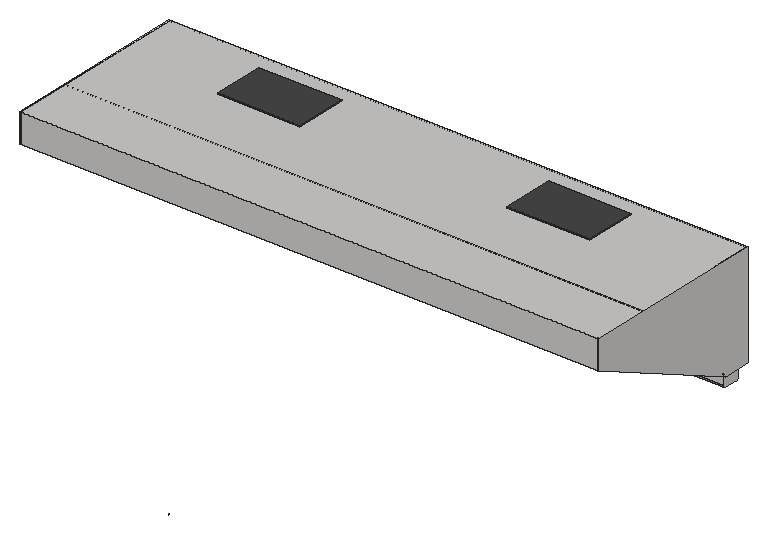
Revit family "QF_ELECTROLUXPROFESSIONAL_642001_MP928BT", category Specialty Equipment, Revit 2014
Reference planes
  plane 1: z = 0
  plane 2 "Center (Left/Right)": x = 150
  plane 3 "LEFT": x = -1250
  plane 4 "RIGHT": x = 1550
  plane 5 "BACK": y = 550
  plane 6 "Plane": z = 2000
  plane 7 "TOP": z = 2140
  plane 8 "Base": z = 1640
  plane 9: z = 1566
  plane 10 "DrainY": y = 485
  plane 11: x = -1247
  plane 12: through (0, 414.509, 1640.8) normal (0, 0.7314, 0.682)
  plane 13: y = 470
  plane 14: y = 220
  plane 15 "DrainX": x = 1430
  plane 16: x = -350
  plane 17: x = 650
  plane 18: x = -750
  plane 19: x = 1050
  plane 20: x = 1547
  plane 21: x = 1340
  plane 22: x = 1520
  plane 23: x = -1210
  plane 24: x = -845
  plane 25: x = -450
  plane 26: x = 1510
  plane 27: x = 1145
  plane 28: x = 750
  plane 29: y = -350
  plane 30 "Center (Front/Back)": y = 100
Forms (mm)
  Extrusion 1, solid, material "QF_Finishes_Stainless Steel"
    sketch origin (-1250, 0, 0) x (0, 1, 0) y (0, 0, 1)
      loop
        line (550, 1640) -> (550, 2140) -> (-350, 2140) -> (-350, 2000) -> (415.255, 1640) -> (550, 1640)
    from 0 to 3
  Extrusion 2, solid, material "QF_Finishes_Stainless Steel"
    sketch origin (150, 0, 0) x (0, 1, 0) y (0, 0, 1)
      loop
        line (415.255, 1640) -> (550, 1640) -> (550, 2139.19) -> (549.2, 2139.19) -> (549.2, 1640.8) -> (415.876, 1640.8) -> (339.347, 1722.867) -> (349.609, 1732.436) -> (348.927, 1733.167) -> (337.934, 1722.917) -> (415.255, 1640)
      loop
        line (-82.203, 2139.19) -> (-82.203, 2118.6) -> (-31.047, 2118.6) -> (34.354, 2048.466) -> (46.028, 2059.352) -> (45.346, 2060.083) -> (34.403, 2049.879) -> (-30.612, 2119.6) -> (-81.203, 2119.6) -> (-81.203, 2139.19) -> (-82.203, 2139.19)
    from -1397 to 1397
  Extrusion 3, solid, material "QF_Finishes_Stainless Steel"
    sketch origin (1550, 0, 0) x (0, 1, 0) y (0, 0, 1)
      loop
        line (550, 1640) -> (550, 2140) -> (-350, 2140) -> (-350, 2000) -> (415.255, 1640) -> (550, 1640)
    from 0 to -3
  Extrusion 4, solid, material "QF_Finishes_Stainless Steel"
    sketch origin (150, 0, 0) x (0, 1, 0) y (0, 0, 1)
      loop
        line (-350, 2140) -> (-350, 2000) -> (-349.2, 2000) -> (-349.2, 2139.19) -> (550, 2139.19) -> (550, 2140) -> (-350, 2140)
    from -1400 to 1400
  Extrusion 5, solid, material "QF_Finishes_Stainless Steel"
    sketch origin (150, 0, 0) x (0, 1, 0) y (0, 0, 1)
      loop
        line (534, 1640) -> (436, 1640) -> (436, 1627) -> (443.5, 1627) -> (443.5, 1576)
        arc (443.5, 1576) -> (446.429, 1568.929) -> (453.5, 1566) r 10
        line (453.5, 1566) -> (516.5, 1566)
        arc (516.5, 1566) -> (523.571, 1568.929) -> (526.5, 1576) r 10
        line (526.5, 1576) -> (526.5, 1627) -> (534, 1627) -> (534, 1640)
    from 1190 to 1370
  Extrusion 6, solid, material "QF_Finishes_Stainless Steel"
    sketch origin (0, 0, 1640) x (0, 1, 0) y (-1, 0, 0)
      loop
        circle (485, -1430) r 20
    from -76 to -74
  Extrusion 7, solid, material "QF_Finished_Chrome"
    sketch origin (150, 0, 0) x (0, 1, 0) y (0, 0, 1)
      loop
        line (337.934, 1722.917) -> (341.591, 1726.327) -> (38.011, 2051.876) -> (34.354, 2048.466) -> (337.934, 1722.917)
    from -995 to -1360
  Extrusion 8, solid, material "QF_Finished_Chrome"
    sketch origin (150, 0, 0) x (0, 1, 0) y (0, 0, 1)
      loop
        line (337.934, 1722.917) -> (341.591, 1726.327) -> (38.011, 2051.876) -> (34.354, 2048.466) -> (337.934, 1722.917)
    from 600 to -600
  Extrusion 9, solid, material "QF_Finishes_Stainless Steel"
    sketch origin (150, 0, 0) x (0, 1, 0) y (0, 0, 1)
      loop
        line (337.934, 1722.917) -> (341.591, 1726.327) -> (38.011, 2051.876) -> (34.354, 2048.466) -> (337.934, 1722.917)
    from 1397 to 1360
  Extrusion 10, solid, material "QF_Finishes_Stainless Steel"
    sketch origin (150, 0, 0) x (0, 1, 0) y (0, 0, 1)
      loop
        line (341.588, 1726.324) -> (38.009, 2051.874) -> (34.354, 2048.466) -> (337.934, 1722.917) -> (341.588, 1726.324)
    from -995 to -600
  Extrusion 11, solid, material "QF_Finished_Chrome"
    sketch origin (150, 0, 0) x (0, 1, 0) y (0, 0, 1)
      loop
        line (341.588, 1726.324) -> (38.009, 2051.874) -> (34.354, 2048.466) -> (337.934, 1722.917) -> (341.588, 1726.324)
    from 995 to 1360
  Extrusion 12, solid, material "QF_Finishes_Black"
    sketch origin (0, 0, 2140) x (0, 1, 0) y (-1, 0, 0)
      loop
        line (470, 750) -> (220, 750) -> (220, 350) -> (470, 350) -> (470, 750)
    from 5 to 0
  Extrusion 13, solid, material "QF_Finishes_Black"
    sketch origin (940, 0, 2140) x (0, 1, 0) y (-1, 0, 0)
      loop
        line (470, 290) -> (220, 290) -> (220, -110) -> (470, -110) -> (470, 290)
    from 5 to 0
  Extrusion 14, solid, material "QF_Finishes_Stainless Steel"
    sketch origin (0, 0, 0) x (1, 0, 0) y (0, 1, 0)
      loop
        line (-1250, 550) -> (-1250, 549) -> (-1249, 549) -> (-1249, 550) -> (-1250, 550)
    from 0 to 1
  Extrusion 15, solid, material "QF_Finishes_Stainless Steel"
    sketch origin (150, 0, 0) x (0, 1, 0) y (0, 0, 1)
      loop
        line (337.934, 1722.917) -> (341.591, 1726.327) -> (38.011, 2051.876) -> (34.354, 2048.466) -> (337.934, 1722.917)
    from -1360 to -1397
  Extrusion 16, solid, material "QF_Finishes_Stainless Steel"
    sketch origin (150, 0, 0) x (0, 1, 0) y (0, 0, -1)
      loop
        line (341.588, -1726.324) -> (337.934, -1722.917) -> (34.354, -2048.466) -> (38.009, -2051.874) -> (341.588, -1726.324)
    from -995 to -600
Cuts and joins
  joined: Extrusion 2, Extrusion 4
Lines and regions (mm)
  reference lines
    curve 1: line (150, 34.354, 2048.466) -> (150, 34.354, 1888.466)
  symbolic lines, style "SpecialityEquipment", detail levels coarse
    curve 2: line (1550, 550, 2140) -> (-1250, 550, 2140)
    curve 3: line (-1250, 550, 2140) -> (-1250, -350, 2140)
    curve 4: line (1550, -350, 2140) -> (1550, 550, 2140)
    curve 5: line (-1250, -350, 2140) -> (1550, -350, 2140)
    curve 6: line (-750, 220, 2140) -> (-350, 220, 2140)
    curve 7: line (-750, 470, 2140) -> (-750, 220, 2140)
    curve 8: line (-350, 470, 2140) -> (-750, 470, 2140)
    curve 9: line (-350, 220, 2140) -> (-350, 470, 2140)
    curve 10: line (650, 470, 2140) -> (650, 220, 2140)
    curve 11: line (650, 220, 2140) -> (1050, 220, 2140)
    curve 12: line (1050, 470, 2140) -> (650, 470, 2140)
    curve 13: line (1050, 220, 2140) -> (1050, 470, 2140)
  symbolic lines, detail levels coarse
    curve 14: line (-1250, -350, 0) -> (1550, 550, 0)
    curve 15: line (1550, -350, 0) -> (-1250, 550, 0)
Dimensions and locks
  plane 3 "LEFT" to plane 4 "RIGHT" = 2800 mm
  equal spacing: plane 3 "LEFT", plane 2 "Center (Left/Right)", plane 4 "RIGHT"
  locked: plane 6 "Plane" to level at 2000
  plane 7 "TOP" to plane 6 "Plane" = 140 mm
  locked: plane 7 "TOP" to plane 8 "Base" at 500
  plane 8 "Base" to plane 9 = 74 mm
  plane 5 "BACK" to plane 10 "DrainY" = 65 mm  (x2)
  plane 3 "LEFT" to plane 11 = 3 mm
  plane 5 "BACK" to plane 13 = 80 mm
  plane 13 to plane 14 = 250 mm  (x2)
  plane 15 "DrainX" to plane 4 "RIGHT" = 120 mm
  locked: plane 16 to plane 17 at 1000
  equal spacing: plane 16, plane 2 "Center (Left/Right)", plane 17
  plane 18 to plane 16 = 400 mm
  plane 17 to plane 19 = 400 mm
  plane 20 to plane 4 "RIGHT" = 3 mm
  locked: plane 21 to plane 15 "DrainX" at 90
  locked: plane 15 "DrainX" to plane 22 at 90
  plane 13 to plane 5 "BACK" = 80 mm
  locked: plane 3 "LEFT" to plane 23 at 40
  locked: plane 23 to plane 24 at 365
  locked: plane 24 to plane 25 at 395
  locked: plane 26 to plane 27 at 365
  locked: plane 27 to plane 28 at 395
  locked: plane 26 to plane 4 "RIGHT" at 40
  plane 25 to plane 28 = 1200 mm
  plane 5 "BACK" to plane 29 = 900 mm  (x2)
  equal spacing: plane 5 "BACK", plane 30 "Center (Front/Back)", plane 29
  plane 14 to plane 29 = 570 mm
  aligned and locked: level to plane 1
  aligned and locked: Extrusion 2 to Extrusion 1
  aligned and locked: Extrusion 2 to Extrusion 3
  aligned and locked: plane 4 "RIGHT" to Extrusion 4
  aligned and locked: Extrusion 4 to plane 3 "LEFT"
  aligned and locked: plane 20 to Extrusion 9
  aligned and locked: plane 18 to Extrusion 12
  aligned and locked: Extrusion 12 to plane 16
  aligned and locked: Extrusion 12 to plane 14
  aligned and locked: Extrusion 12 to plane 13
  aligned and locked: Extrusion 13 to plane 19
  aligned and locked: plane 17 to Extrusion 13
  aligned and locked: Extrusion 2 to Extrusion 4
  aligned and locked: plane 22 to Extrusion 5
  aligned and locked: Extrusion 5 to plane 21
  aligned and locked: Extrusion 9 to plane 26
  aligned and locked: Extrusion 11 to plane 26
  aligned and locked: Extrusion 11 to plane 27
  aligned and locked: Extrusion 8 to plane 28
  aligned and locked: Extrusion 8 to plane 25
  aligned and locked: plane 25 to Extrusion 10
  aligned and locked: Extrusion 10 to plane 24
  aligned and locked: plane 24 to Extrusion 7
  aligned and locked: Extrusion 7 to plane 23
  aligned and locked: Extrusion 15 to plane 11
  aligned and locked: plane 23 to Extrusion 15
  aligned and locked: Extrusion 16 to plane 28
  aligned and locked: Extrusion 16 to plane 27
  aligned and locked: Extrusion 3 to plane 20
Automatic sketch dimensions
  curve 5 to plane 3 "LEFT" = 0 mm
  curve 9 to plane 14 = 0 mm
  curve 10 to plane 14 = 0 mm
  plane 13 to curve 8 = 0 mm
  plane 13 to curve 12 = 0 mm
  curve 3 to plane 5 "BACK" = 0 mm
  curve 5 to plane 4 "RIGHT" = 0 mm
  curve 11 to plane 19 = 0 mm
  curve 10 to plane 17 = 0 mm
  curve 6 to plane 16 = 0 mm
  curve 6 to plane 18 = 0 mm
  Extrusion 2 sketch curve to plane 12 = 0 mm  (x3)
  Extrusion 2 sketch curve to plane 8 "Base" = 0 mm
  plane 12 to Extrusion 2 sketch curve = 0 mm
  Extrusion 2 sketch curve to plane 5 "BACK" = 0 mm
  Extrusion 2 sketch curve to Extrusion 2 sketch curve = 65.646 mm
  Extrusion 2 sketch curve to Extrusion 2 sketch curve = 0.682 mm  (x2)
  Extrusion 2 sketch curve to Extrusion 2 sketch curve = 10.261 mm
  plane 8 "Base" to Extrusion 2 sketch curve = 82.917 mm
  Extrusion 2 sketch curve to Extrusion 2 sketch curve = 10.942 mm
  Extrusion 2 sketch curve to Extrusion 2 sketch curve = 0.049 mm
  Extrusion 2 sketch curve to plane 7 "TOP" = 20.4 mm
  Extrusion 2 sketch curve to plane 7 "TOP" = 21.4 mm
  Extrusion 2 sketch curve to plane 7 "TOP" = 0.81 mm  (x2)
  Extrusion 2 sketch curve to Extrusion 2 sketch curve = 50.156 mm
  Extrusion 2 sketch curve to Extrusion 2 sketch curve = 1 mm
  plane 8 "Base" to Extrusion 2 sketch curve = 0.8 mm
  Extrusion 2 sketch curve to plane 5 "BACK" = 0.8 mm
  Extrusion 4 sketch curve to plane 6 "Plane" = 0 mm
  Extrusion 4 sketch curve to plane 5 "BACK" = 0 mm
  Extrusion 4 sketch curve to plane 7 "TOP" = 0 mm
  Extrusion 4 sketch curve to plane 7 "TOP" = 0.81 mm
  curve 1 to plane 12 = 0 mm
  curve 1 to plane 6 "Plane" = 111.534 mm
  Extrusion 5 sketch curve to plane 8 "Base" = 0 mm
  Extrusion 5 sketch curve to plane 9 = 0 mm
  Extrusion 5 sketch curve to plane 8 "Base" = 13 mm  (x2)
  plane 13 to Extrusion 5 sketch curve = 34 mm
  Extrusion 5 sketch curve to Extrusion 5 sketch curve = 7.5 mm  (x2)
  Extrusion 5 sketch curve to Extrusion 5 sketch curve = 10 mm
  plane 10 "DrainY" to Extrusion 5 sketch curve = 31.5 mm
  Extrusion 5 sketch curve to plane 5 "BACK" = 23.5 mm
  Extrusion 6 sketch curve to plane 10 "DrainY" = 0 mm
  Extrusion 6 sketch curve to plane 15 "DrainX" = 0 mm
  Extrusion 7 sketch curve to plane 12 = 0 mm  (x2)
  Extrusion 7 sketch curve to Extrusion 7 sketch curve = 3.657 mm
  plane 8 "Base" to Extrusion 7 sketch curve = 82.917 mm
  Extrusion 8 sketch curve to plane 12 = 0 mm  (x2)
  Extrusion 8 sketch curve to Extrusion 8 sketch curve = 3.657 mm
  plane 8 "Base" to Extrusion 8 sketch curve = 82.917 mm
  Extrusion 9 sketch curve to plane 12 = 0 mm  (x2)
  Extrusion 9 sketch curve to Extrusion 9 sketch curve = 3.657 mm
  plane 8 "Base" to Extrusion 9 sketch curve = 82.917 mm
  Extrusion 10 sketch curve to plane 12 = 0 mm  (x2)
  Extrusion 10 sketch curve to Extrusion 10 sketch curve = 3.655 mm
  plane 8 "Base" to Extrusion 10 sketch curve = 82.917 mm
  Extrusion 11 sketch curve to plane 12 = 0 mm  (x2)
  Extrusion 11 sketch curve to Extrusion 11 sketch curve = 3.655 mm
  plane 8 "Base" to Extrusion 11 sketch curve = 82.917 mm
  Extrusion 12 sketch curve to plane 14 = 0 mm
  plane 13 to Extrusion 12 sketch curve = 0 mm
  Extrusion 12 sketch curve to plane 16 = 0 mm
  Extrusion 12 sketch curve to plane 18 = 0 mm
  Extrusion 13 sketch curve to plane 14 = 0 mm
  plane 13 to Extrusion 13 sketch curve = 0 mm
  Extrusion 13 sketch curve to plane 19 = 0 mm
  Extrusion 13 sketch curve to plane 17 = 0 mm
  Extrusion 14 sketch curve to plane 3 "LEFT" = 0 mm
  Extrusion 14 sketch curve to plane 5 "BACK" = 0 mm
  plane 3 "LEFT" to Extrusion 14 sketch curve = 1 mm
  Extrusion 14 sketch curve to plane 5 "BACK" = 1 mm
  Extrusion 15 sketch curve to plane 12 = 0 mm  (x2)
  Extrusion 15 sketch curve to Extrusion 15 sketch curve = 3.657 mm
  plane 8 "Base" to Extrusion 15 sketch curve = 82.917 mm
  Extrusion 16 sketch curve to plane 12 = 0 mm  (x2)
  Extrusion 16 sketch curve to Extrusion 16 sketch curve = 3.655 mm
  plane 8 "Base" to Extrusion 16 sketch curve = 82.917 mm
  Extrusion 4 sketch curve to Extrusion 4 sketch curve = 0.8 mm
  curve 5 to plane 29 = 0 mm
  plane 6 "Plane" to Extrusion 2 sketch curve = 48.466 mm
  plane 29 to Extrusion 4 sketch curve = 0.8 mm
  curve 1 to plane 14 = 185.646 mm
  plane 6 "Plane" to Extrusion 7 sketch curve = 51.876 mm
  plane 6 "Plane" to Extrusion 8 sketch curve = 51.876 mm
  plane 6 "Plane" to Extrusion 9 sketch curve = 51.876 mm
  plane 6 "Plane" to Extrusion 10 sketch curve = 51.874 mm
  plane 6 "Plane" to Extrusion 11 sketch curve = 51.874 mm
  plane 6 "Plane" to Extrusion 15 sketch curve = 51.876 mm
  plane 6 "Plane" to Extrusion 16 sketch curve = 51.874 mm
  Extrusion 3 sketch curve to plane 5 "BACK" = 0 mm
  Extrusion 3 sketch curve to plane 7 "TOP" = 0 mm
  Extrusion 3 sketch curve to plane 6 "Plane" = 0 mm
  Extrusion 1 sketch curve to plane 8 "Base" = 0 mm
  plane 12 to Extrusion 1 sketch curve = 0 mm
  Extrusion 1 sketch curve to plane 5 "BACK" = 0 mm
  Extrusion 1 sketch curve to plane 7 "TOP" = 0 mm
  Extrusion 1 sketch curve to plane 29 = 0 mm
  Extrusion 1 sketch curve to plane 6 "Plane" = 0 mm
  Extrusion 3 sketch curve to plane 29 = 0 mm
  Extrusion 3 sketch curve to plane 8 "Base" = 0 mm
  plane 12 to Extrusion 3 sketch curve = 0 mm
  curve 15 to plane 3 "LEFT" = 0 mm
  curve 14 to plane 3 "LEFT" = 0 mm
  curve 15 to plane 4 "RIGHT" = 0 mm
  curve 14 to plane 4 "RIGHT" = 0 mm
  curve 15 to plane 29 = 0 mm
  curve 14 to plane 29 = 0 mm
  curve 15 to plane 5 "BACK" = 0 mm
  curve 14 to plane 5 "BACK" = 0 mm
  radius of Extrusion 6 sketch curve = 20 mm
Connectors
  piping at (1430, 485, 1564), diameter 20
    settings: on Extrusion 6, index 1, connector inside diameter 609.6 mm, connector length 0 mm, flow factor 0, pipe flow 0.0 L/s, pressure drop 0.0 Pa, fitting loss kfactor 0, connector angle 0.00°, fixture units 0, engagement length 0 mm, angle of deflection 0.00°, flow configuration 1, flow direction 2, fitting loss method 0, system type 16, joint type 0, gender type 0, connector reference index -1, connector utility 0, adjustable connector no, is connector primary yes, connector description "Drain"
  hvac at (-550, 345, 2145)
    settings: on Extrusion 12, index 2, duct flow 0.0 L/s, flow factor 0, pres drop 0.0 Pa, loss coef 0, conn angle 0.00°, conn width 250 mm, conn height 400 mm, conn diameter 609.6 mm, duct sys type 3, conn prof type 1, flow config 1, flow direction 0, loss method 0, conn ref index -1, conn util no, is conn primary yes, conn desc "EXHAUST OUTLET"
  hvac at (850, 345, 2145)
    settings: on Extrusion 13, index 3, duct flow 0.0 L/s, flow factor 0, pres drop 0.0 Pa, loss coef 0, conn angle 0.00°, conn width 250 mm, conn height 400 mm, conn diameter 609.6 mm, duct sys type 3, conn prof type 1, flow config 1, flow direction 0, loss method 0, conn ref index -1, conn util no, is conn primary no, conn desc "EXHAUST OUTLET"
